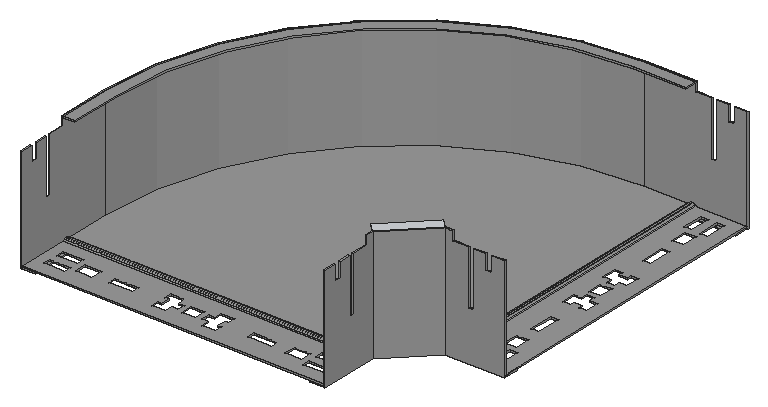
Revit family "Bogen 90 RBM 90 130 FS", category Generic Models, Revit 2017
Family settings
  Can host rebar = No
  Round Connector Dimension = Use Diameter
  Part Type = Normal
  Work Plane-Based = No
  Always vertical = Yes
  Cut with Voids When Loaded = No
  Shared = No
  Room Calculation Point = No
Parameters (values of type "RBM 90 130 FS")
  Width = 300 mm
  URL = "http://www.obo-bettermann.com"
  Material = Strip galvanised
  Manufacturer Art.No. = "6041844"
  Manufacturer = "OBO BETTERMANN"
  GTIN = "4012195880561"
  Article Type = "RBM 90 130 FS"
Reference planes
  plane 1 "Center (Front/Back)": y = 0
  plane 2: z = 0
  plane 3 "Center (Left/Right)": x = 0
  plane 4: x = 400.1
  plane 5: x = 345.6
  plane 6: x = 340.8
  plane 7: z = 3.3
  plane 8: y = 300
  plane 9: y = -100
  plane 10: y = -45.5
  plane 11: y = -40.7
  plane 12: z = 3.3
  plane 13: x = 300
  plane 14: x = 297
  plane 15: y = 3.1
  plane 16: y = -74.5
  plane 17: x = 150
  plane 18: x = 118
  plane 19: x = 81
  plane 20: x = 46
  plane 21: y = -66.5
  plane 22: y = -82.5
  plane 23: x = 21.5
  plane 24: x = 150
  plane 25: y = -74.5
  plane 26: x = 150
  plane 27: x = 182
  plane 28: x = 219
  plane 29: x = 254
  plane 30: y = -66.5
  plane 31: y = -82.5
  plane 32: x = 278.5
  plane 33: through (400.1, -100, 1200) normal (-0.7071, -0.7071, 0)
  plane 34: y = 150
  plane 35: x = 374.6
  plane 36: z = -1.25
  plane 37: z = 111.75
  plane 38: z = 110.5
  plane 39: z = 102.75
  plane 40: x = 348.6
  plane 41: z = 48.75
  plane 42: x = 370.06
  plane 43: x = 384.6
  plane 44: z = 87.95
  plane 45: y = -48.5
  plane 46: z = 48.75
  plane 47: y = -69.96
  plane 48: y = -84.5
  plane 49: z = 87.95
  plane 50: z = -2.5
  plane 51: z = 111.75
Forms (mm)
  Extrusion 1, solid, material "Strip galvanised" <- "Material"
    sketch origin (0, 0, 0) x (1, 0, 0) y (0, 0, 1)
      loop
        line (400.1, 0) -> (400.1, 1.3) -> (349.211, 1.3)
        arc (349.211, 1.3) -> (348.49, 1.485) -> (347.946, 1.994) r 1.5
        arc (347.946, 1.994) -> (345.584, 3.29) -> (343.222, 1.994) r 2.8
        arc (343.222, 1.994) -> (342.679, 1.485) -> (341.957, 1.3) r 1.5
        line (341.957, 1.3) -> (340.8, 1.3) -> (340.8, 0) -> (341.957, 0)
        arc (341.957, 0) -> (343.304, 0.345) -> (344.319, 1.296) r 2.8
        arc (344.319, 1.296) -> (345.584, 1.99) -> (346.849, 1.296) r 1.5
        arc (346.849, 1.296) -> (347.864, 0.345) -> (349.211, 0) r 2.8
        line (349.211, 0) -> (400.1, 0)
    from 0 to -300
  Extrusion 2, solid, material "Strip galvanised" <- "Material"
    sketch origin (0, 0, 0) x (0, 1, 0) y (0, 0, 1)
      loop
        line (-100, 0) -> (-49.036, 0)
        arc (-49.036, 0) -> (-47.692, 0.344) -> (-46.677, 1.291) r 2.8
        arc (-46.677, 1.291) -> (-45.447, 1.965) -> (-44.216, 1.291) r 1.461
        arc (-44.216, 1.291) -> (-43.202, 0.344) -> (-41.858, 0) r 2.8
        line (-41.858, 0) -> (-40.7, 0) -> (-40.7, 1.3) -> (-41.858, 1.3)
        arc (-41.858, 1.3) -> (-42.578, 1.484) -> (-43.121, 1.992) r 1.5
        arc (-43.121, 1.992) -> (-45.447, 3.265) -> (-47.773, 1.992) r 2.761
        arc (-47.773, 1.992) -> (-48.316, 1.484) -> (-49.036, 1.3) r 1.5
        line (-49.036, 1.3) -> (-100, 1.3) -> (-100, 0)
    from 0 to 300
  Extrusion 3, solid, material "Strip galvanised" <- "Material"
    sketch origin (0, 0, 0) x (1, 0, 0) y (0, 1, 0)
      loop
        line (340.8, 300) -> (297, 300)
        arc (297, 300) -> (86.989, 213.011) -> (0, 3) r 297
        line (0, 3) -> (0, -40.7) -> (300.1, -40.7) -> (340.8, 0) -> (340.8, 300)
    from 0 to 1.3
  Extrusion 4, void
    sketch origin (0, 0, 0) x (1, 0, 0) y (0, 1, 0)
      loop
        line (143, -68.5) -> (143, -80.5) -> (157, -80.5) -> (157, -68.5) -> (143, -68.5)
      loop
        line (118, -70.326) -> (121.99, -70.326) -> (121.99, -78.726) -> (118, -78.726) -> (118, -86.363) -> (132.02, -86.363) -> (132.02, -78.504) -> (138, -78.504) -> (138, -74.5) -> (138, -70.53) -> (132.02, -70.53) -> (132.02, -62.637) -> (118, -62.637) -> (118, -70.326)
      loop
        line (69, -70.5) -> (69, -78.5) -> (93, -78.5) -> (93, -70.5) -> (69, -70.5)
      loop
        line (38, -68.5) -> (38, -80.5) -> (54, -80.5) -> (54, -68.5) -> (38, -68.5)
      loop
        line (11, -62.7) -> (11, -70.3) -> (32, -70.3) -> (32, -62.7) -> (11, -62.7)
      loop
        line (11, -86.3) -> (32, -86.3) -> (32, -78.7) -> (11, -78.7) -> (11, -86.3)
    from 0 to 1.3
  Extrusion 5, void
    sketch origin (300, 0, 0) x (-1, 0, 0) y (0, -1, 0)
      loop
        line (143, 68.5) -> (157, 68.5) -> (157, 80.5) -> (143, 80.5) -> (143, 68.5)
      loop
        line (118, 70.326) -> (118, 62.637) -> (132.02, 62.637) -> (132.02, 70.53) -> (138, 70.53) -> (138, 74.5) -> (138, 78.504) -> (132.02, 78.504) -> (132.02, 86.363) -> (118, 86.363) -> (118, 78.726) -> (121.99, 78.726) -> (121.99, 70.326) -> (118, 70.326)
      loop
        line (69, 70.5) -> (93, 70.5) -> (93, 78.5) -> (69, 78.5) -> (69, 70.5)
      loop
        line (38, 68.5) -> (54, 68.5) -> (54, 80.5) -> (38, 80.5) -> (38, 68.5)
      loop
        line (11, 62.7) -> (32, 62.7) -> (32, 70.3) -> (11, 70.3) -> (11, 62.7)
      loop
        line (11, 86.3) -> (11, 78.7) -> (32, 78.7) -> (32, 86.3) -> (11, 86.3)
    from 0 to 1.3
  Extrusion 6, void
    sketch origin (0, 0, 0) x (1, 0, 0) y (0, 1, 0)
      loop
        line (362.8, 289.1) -> (362.8, 268.1) -> (370.4, 268.1) -> (370.4, 289.1) -> (362.8, 289.1)
      loop
        line (378.8, 289.1) -> (378.8, 268.1) -> (386.4, 268.1) -> (386.4, 289.1) -> (378.8, 289.1)
      loop
        line (368.6, 262.1) -> (368.6, 246.1) -> (380.6, 246.1) -> (380.6, 262.1) -> (368.6, 262.1)
      loop
        line (370.6, 231.1) -> (370.6, 207.1) -> (378.6, 207.1) -> (378.6, 231.1) -> (370.6, 231.1)
      loop
        line (362.737, 182.1) -> (362.737, 168.08) -> (370.63, 168.08) -> (370.63, 162.1) -> (378.604, 162.1) -> (378.604, 168.08) -> (386.463, 168.08) -> (386.463, 182.1) -> (378.826, 182.1) -> (378.826, 178.11) -> (370.426, 178.11) -> (370.426, 182.1) -> (362.737, 182.1)
    from 0 to 1.3
  Extrusion 7, void
    sketch origin (0, 300, 0) x (1, 0, 0) y (0, 1, 0)
      loop
        line (362.8, -289.1) -> (370.4, -289.1) -> (370.4, -268.1) -> (362.8, -268.1) -> (362.8, -289.1)
      loop
        line (378.8, -289.1) -> (386.4, -289.1) -> (386.4, -268.1) -> (378.8, -268.1) -> (378.8, -289.1)
      loop
        line (368.6, -262.1) -> (380.6, -262.1) -> (380.6, -246.1) -> (368.6, -246.1) -> (368.6, -262.1)
      loop
        line (370.6, -231.1) -> (378.6, -231.1) -> (378.6, -207.1) -> (370.6, -207.1) -> (370.6, -231.1)
      loop
        line (362.737, -182.1) -> (370.426, -182.1) -> (370.426, -178.11) -> (378.826, -178.11) -> (378.826, -182.1) -> (386.463, -182.1) -> (386.463, -168.08) -> (378.604, -168.08) -> (378.604, -162.1) -> (370.63, -162.1) -> (370.63, -168.08) -> (362.737, -168.08) -> (362.737, -182.1)
    from 0 to 1.3
  Extrusion 8, void
    sketch origin (0, 0, 0) x (1, 0, 0) y (0, 1, 0)
      loop
        line (368.6, 157) -> (368.6, 143) -> (380.6, 143) -> (380.6, 157) -> (368.6, 157)
    from 0 to 1.3
  Extrusion 9, solid, material "Strip galvanised"
    sketch origin (0, 0, 0) x (1, 0, 0) y (0, 1, 0)
      loop
        line (400.1, 300) -> (297, 300)
        arc (297, 300) -> (86.989, 213.011) -> (0, 3) r 297
        line (0, 3) -> (0, -100) -> (13.8, -100) -> (13.8, 3)
        arc (13.8, 3) -> (96.747, 203.253) -> (297, 286.2) r 283.2
        line (297, 286.2) -> (400.1, 286.2) -> (400.1, 300)
    from 0 to -1.25
  Extrusion 10, solid, material "Strip galvanised"
    sketch origin (0, 0, 0) x (1, 0, 0) y (0, 1, 0)
      loop
        line (400.1, 300) -> (400.1, 301.3) -> (297, 301.3)
        arc (297, 301.3) -> (86.07, 213.93) -> (-1.3, 3) r 298.3
        line (-1.3, 3) -> (-1.3, -100) -> (0, -100) -> (0, 3)
        arc (0, 3) -> (86.989, 213.011) -> (297, 300) r 297
        line (297, 300) -> (400.1, 300)
    from -1.25 to 111.75
  Extrusion 11, solid, material "Strip galvanised" <- "Material"
    sketch origin (0, 0, 0) x (1, 0, 0) y (0, 1, 0)
      loop
        line (400.1, 300) -> (297, 300)
        arc (297, 300) -> (86.989, 213.011) -> (0, 3) r 297
        line (0, 3) -> (0, -100) -> (12, -100) -> (12, 3)
        arc (12, 3) -> (95.475, 204.525) -> (297, 288) r 285
        line (297, 288) -> (400.1, 288) -> (400.1, 300)
    from 110.5 to 111.75
  Extrusion 12, void
    sketch origin (0, 0, 0) x (1, 0, 0) y (0, 0, 1)
      loop
        line (348.55, 111.75) -> (348.55, 102.75) -> (400.1, 102.75) -> (400.1, 111.75) -> (348.55, 111.75)
    from -301.3 to -288
  Extrusion 13, void
    sketch origin (0, 0, 0) x (1, 0, 0) y (0, 0, 1)
      loop
        line (370.06, 102.75) -> (365.06, 102.75) -> (365.06, 48.75) -> (370.06, 48.75) -> (370.06, 102.75)
      loop
        line (381.4, 102.75) -> (381.4, 87.95) -> (387.8, 87.95) -> (387.8, 102.75) -> (381.4, 102.75)
    from -301.3 to -300
  Extrusion 14, void
    sketch origin (300.1, 300.1, 0) x (0, -1, 0) y (0, 0, -1)
      loop
        line (348.55, -111.75) -> (400.1, -111.75) -> (400.1, -102.75) -> (348.55, -102.75) -> (348.55, -111.75)
    from -301.3 to -286.581
  Extrusion 15, void
    sketch origin (0, 0, 0) x (0, 1, 0) y (0, 0, 1)
      loop
        line (-48.5, 111.75) -> (-100, 111.75) -> (-100, 110.5) -> (-48.5, 110.5) -> (-48.5, 111.75)
    from -1.3 to 13.8
  Extrusion 16, void
    sketch origin (300.1, 300.1, 0) x (0, -1, 0) y (0, 0, -1)
      loop
        line (370.06, -102.75) -> (370.06, -48.75) -> (365.06, -48.75) -> (365.06, -102.75) -> (370.06, -102.75)
      loop
        line (381.4, -102.75) -> (387.8, -102.75) -> (387.8, -87.95) -> (381.4, -87.95) -> (381.4, -102.75)
    from -301.3 to -300
  Extrusion 17, solid, material "Strip galvanised"
    sketch origin (0, 0, 0) x (1, 0, 0) y (0, 1, 0)
      loop
        line (400.1, 0) -> (400.1, 13.8) -> (342.9, 13.8) -> (342.9, 0) -> (400.1, 0)
      loop
        line (340.249, -0.551) -> (330.491, 9.207) -> (290.893, -30.391) -> (300.651, -40.149) -> (340.249, -0.551)
      loop
        line (300, -42.8) -> (286.2, -42.8) -> (286.2, -100) -> (300, -100) -> (300, -42.8)
    from -1.25 to 0
  Extrusion 18, solid, material "Strip galvanised" <- "Material"
    sketch origin (0, 0, 0) x (1, 0, 0) y (0, 1, 0)
      loop
        line (400.1, 0) -> (340.8, 0) -> (300, -40.8) -> (300, -100) -> (301.3, -100) -> (301.3, -41.338) -> (341.338, -1.3) -> (400.1, -1.3) -> (400.1, 0)
    from -1.25 to 111.75
  Extrusion 19, void
    sketch origin (0, 0, 0) x (1, 0, 0) y (0, 0, 1)
      loop
        line (348.55, 111.75) -> (348.55, 102.75) -> (365.06, 102.75) -> (365.06, 48.75) -> (370.06, 48.75) -> (370.06, 102.75) -> (381.4, 102.75) -> (381.4, 87.95) -> (387.8, 87.95) -> (387.8, 102.75) -> (400.1, 102.75) -> (400.1, 111.75) -> (348.55, 111.75)
    from 0 to 1.3
  Extrusion 20, void
    sketch origin (300.1, 300.1, 0) x (0, -1, 0) y (0, 0, -1)
      loop
        line (348.55, -111.75) -> (400.1, -111.75) -> (400.1, -102.75) -> (387.8, -102.75) -> (387.8, -87.95) -> (381.4, -87.95) -> (381.4, -102.75) -> (370.06, -102.75) -> (370.06, -48.75) -> (365.06, -48.75) -> (365.06, -102.75) -> (348.55, -102.75) -> (348.55, -111.75)
    from 0 to 1.3
  Extrusion 21, solid
    sketch origin (0, 0, 0) x (1, 0, 0) y (0, 1, 0)
      loop
        line (340.249, -0.551) -> (332.567, 7.131) -> (292.969, -32.467) -> (300.651, -40.149) -> (340.249, -0.551)
    from 110.5 to 111.75
Cuts and joins
  Extrusion 4, Extrusion 5 cuts Extrusion 2
  Extrusion 6, Extrusion 7, Extrusion 8 cuts Extrusion 1
  Extrusion 12, Extrusion 13, Extrusion 14, Extrusion 15, Extrusion 16 cuts Extrusion 10
  Extrusion 12, Extrusion 15 cuts Extrusion 11
  Extrusion 19, Extrusion 20 cuts Extrusion 18
Dimensions and locks
  locked: plane 4 to plane 6 at 59.3
  locked: plane 4 to plane 5 at 54.5
  locked: Extrusion 1 sketch curve to Extrusion 1 sketch curve at 1.3
  locked: Extrusion 1 sketch curve to Extrusion 1 sketch curve at 59.3
  locked: plane 7 to Extrusion 1 sketch curve at 2
  locked: Extrusion 1 sketch curve to level at 3.29
  plane 1 "Center (Front/Back)" to plane 8 = 300 mm
  locked: plane 3 "Center (Left/Right)" to plane 4 at 400.1  (x2)
  locked: plane 9 to plane 1 "Center (Front/Back)" at 100
  locked: plane 8 to plane 9 at 400
  locked: plane 9 to plane 10 at 54.5
  locked: plane 9 to plane 11 at 59.3
  locked: Extrusion 2 sketch curve to plane 12 at 2
  locked: Extrusion 2 sketch curve to Extrusion 2 sketch curve at 1.3
  locked: Extrusion 2 sketch curve to level at 3.265
  locked: plane 3 "Center (Left/Right)" to plane 13 at 300
  locked: plane 14 to Extrusion 1 at 103.1
  locked: Extrusion 2 to plane 15 at 103.1
  locked: Extrusion 2 to plane 16 at 25.5
  locked: Extrusion 2 to plane 17 at 150
  locked: Extrusion 4 sketch curve to Extrusion 4 sketch curve at 14
  locked: Extrusion 4 sketch curve to plane 17 at 7
  locked: Extrusion 4 sketch curve to Extrusion 4 sketch curve at 12  (x2)
  locked: plane 16 to Extrusion 4 sketch curve at 6  (x2)
  locked: plane 18 to plane 17 at 32
  locked: Extrusion 4 sketch curve to Extrusion 4 sketch curve at 14.02  (x2)
  locked: Extrusion 4 sketch curve to Extrusion 4 sketch curve at 7.974
  locked: Extrusion 4 sketch curve to Extrusion 4 sketch curve at 8.4
  locked: Extrusion 4 sketch curve to Extrusion 4 sketch curve at 3.99  (x2)
  locked: Extrusion 4 sketch curve to Extrusion 4 sketch curve at 5.98
  Extrusion 4 sketch curve to Extrusion 4 sketch curve = 5.98 mm
  locked: plane 19 to plane 17 at 69
  locked: Extrusion 4 sketch curve to Extrusion 4 sketch curve at 24
  locked: Extrusion 4 sketch curve to plane 19 at 12
  locked: Extrusion 4 sketch curve to Extrusion 4 sketch curve at 8
  locked: plane 16 to Extrusion 4 sketch curve at 4
  locked: plane 20 to plane 17 at 104
  locked: Extrusion 4 sketch curve to Extrusion 4 sketch curve at 16
  locked: plane 20 to Extrusion 4 sketch curve at 8
  locked: plane 16 to plane 22 at 8
  locked: plane 21 to plane 16 at 8
  locked: plane 23 to plane 17 at 128.5
  locked: Extrusion 4 sketch curve to Extrusion 4 sketch curve at 7.6  (x2)
  locked: plane 21 to Extrusion 4 sketch curve at 3.8
  locked: Extrusion 4 sketch curve to Extrusion 4 sketch curve at 21  (x2)
  locked: Extrusion 4 sketch curve to plane 23 at 10.5
  locked: cut or joined group of Extrusion 2, Extrusion 4, Extrusion 5 to plane 24 at 150
  locked: Extrusion 5 sketch curve to Extrusion 5 sketch curve at 14
  locked: Extrusion 5 sketch curve to plane 26 at 7
  locked: Extrusion 5 sketch curve to Extrusion 5 sketch curve at 12  (x2)
  locked: plane 25 to Extrusion 5 sketch curve at 6  (x2)
  locked: plane 27 to plane 26 at 32
  locked: Extrusion 5 sketch curve to Extrusion 5 sketch curve at 14.02  (x2)
  locked: Extrusion 5 sketch curve to Extrusion 5 sketch curve at 7.974
  locked: Extrusion 5 sketch curve to Extrusion 5 sketch curve at 8.4
  locked: Extrusion 5 sketch curve to Extrusion 5 sketch curve at 3.99  (x2)
  locked: Extrusion 5 sketch curve to Extrusion 5 sketch curve at 5.98
  Extrusion 5 sketch curve to Extrusion 5 sketch curve = 5.98 mm
  locked: plane 28 to plane 26 at 69
  locked: Extrusion 5 sketch curve to Extrusion 5 sketch curve at 24
  locked: Extrusion 5 sketch curve to plane 28 at 12
  locked: Extrusion 5 sketch curve to Extrusion 5 sketch curve at 8
  locked: plane 25 to Extrusion 5 sketch curve at 4
  locked: plane 29 to plane 26 at 104
  locked: Extrusion 5 sketch curve to Extrusion 5 sketch curve at 16
  locked: plane 29 to Extrusion 5 sketch curve at 8
  locked: plane 25 to plane 31 at 8
  locked: plane 30 to plane 25 at 8
  locked: plane 32 to plane 26 at 128.5
  locked: Extrusion 5 sketch curve to Extrusion 5 sketch curve at 7.6  (x2)
  locked: plane 30 to Extrusion 5 sketch curve at 3.8
  locked: Extrusion 5 sketch curve to Extrusion 5 sketch curve at 21  (x2)
  locked: Extrusion 5 sketch curve to plane 32 at 10.5
  locked: cut or joined group of Extrusion 1, Extrusion 6, Extrusion 7, Extrusion 8 to plane 34 at 150
  locked: Extrusion 8 sketch curve to Extrusion 8 sketch curve at 12
  locked: Extrusion 8 sketch curve to Extrusion 8 sketch curve at 14
  locked: plane 34 to Extrusion 8 sketch curve at 7
  locked: plane 35 to cut or joined group of Extrusion 1, Extrusion 6, Extrusion 7, Extrusion 8 at 25.5
  locked: Extrusion 8 sketch curve to plane 35 at 6
  locked: plane 3 "Center (Left/Right)" to cut or joined group of Extrusion 1, Extrusion 6, Extrusion 7, Extrusion 8 at 400.1
  locked: cut or joined group of Extrusion 2, Extrusion 4, Extrusion 5 to cut or joined group of Extrusion 1, Extrusion 6, Extrusion 7, Extrusion 8 at 400
  locked: cut or joined group of Extrusion 1, Extrusion 6, Extrusion 7, Extrusion 8 to Extrusion 9 sketch curve at 13.8
  locked: cut or joined group of Extrusion 2, Extrusion 4, Extrusion 5 to Extrusion 9 sketch curve at 13.8
  locked: cut or joined group of Extrusion 2, Extrusion 4, Extrusion 5 to Extrusion 9 at 1.25
  locked: plane 37 to Extrusion 9 at 113
  locked: Extrusion 11 sketch curve to Extrusion 10 at 12
  locked: Extrusion 10 to Extrusion 11 sketch curve at 12
  locked: Extrusion 11 to plane 38 at 1.25
  locked: plane 37 to plane 39 at 9
  locked: Extrusion 10 to plane 40 at 51.5
  locked: plane 41 to Extrusion 9 at 50
  locked: Extrusion 17 sketch curve to cut or joined group of Extrusion 1, Extrusion 6, Extrusion 7, Extrusion 8 at 57.2
  locked: Extrusion 17 sketch curve to cut or joined group of Extrusion 2, Extrusion 4, Extrusion 5 at 57.2
  locked: Extrusion 18 sketch curve to Extrusion 18 sketch curve at 59.3
  locked: Extrusion 18 sketch curve to Extrusion 18 sketch curve at 58.662
  locked: Extrusion 3 to Extrusion 18 sketch curve at 1.3
  locked: cut or joined group of Extrusion 2, Extrusion 4, Extrusion 5 to Extrusion 18 sketch curve at 1.3
  locked: cut or joined group of Extrusion 1, Extrusion 6, Extrusion 7, Extrusion 8 to Extrusion 18 sketch curve at 1.3
  locked: plane 51 to Extrusion 18 at 113
  radius of Extrusion 3 = 297 mm
  aligned and locked: level to plane 2
  aligned and locked: Extrusion 1 to level  (x2)
  aligned and locked: plane 4 to Extrusion 1
  aligned and locked: Extrusion 1 to plane 6
  aligned and locked: plane 8 to Extrusion 1
  aligned and locked: plane 1 "Center (Front/Back)" to Extrusion 1
  aligned and locked: Extrusion 2 sketch curve to plane 11
  aligned and locked: Extrusion 2 sketch curve to plane 9
  aligned and locked: Extrusion 2 to level  (x2)
  aligned and locked: Extrusion 2 to plane 9
  aligned and locked: plane 13 to Extrusion 2
  aligned and locked: Extrusion 2 to plane 3 "Center (Left/Right)"
  aligned and locked: plane 8 to Extrusion 3 sketch curve
  aligned and locked: plane 3 "Center (Left/Right)" to Extrusion 3 sketch curve
  aligned and locked: Extrusion 3 to Extrusion 2
  aligned and locked: plane 6 to Extrusion 3
  aligned and locked: Extrusion 1 to Extrusion 3  (x2)
  aligned and locked: Extrusion 3 to plane 3 "Center (Left/Right)"
  aligned and locked: Extrusion 3 to Extrusion 1
  aligned and locked: plane 18 to Extrusion 4 sketch curve
  aligned and locked: Extrusion 4 to level
  aligned and locked: Extrusion 1 to Extrusion 4
  aligned and locked: Extrusion 4 to plane 2
  aligned and locked: Extrusion 5 sketch curve to plane 27
  aligned and locked: Extrusion 6 to level
  aligned and locked: Extrusion 1 to Extrusion 6
  aligned and locked: Extrusion 8 to level
  aligned and locked: Extrusion 1 to Extrusion 8
  aligned and locked: level to Extrusion 9
  aligned and locked: Extrusion 9 to plane 36
  aligned and locked: Extrusion 10 sketch curve to cut or joined group of Extrusion 2, Extrusion 4, Extrusion 5
  aligned and locked: Extrusion 10 sketch curve to plane 4
  aligned and locked: plane 4 to Extrusion 10
  aligned and locked: Extrusion 10 to plane 9
  aligned and locked: Extrusion 10 to Extrusion 9
  aligned and locked: Extrusion 10 to plane 37
  aligned and locked: Extrusion 11 sketch curve to cut or joined group of Extrusion 2, Extrusion 4, Extrusion 5
  aligned and locked: Extrusion 11 sketch curve to plane 4
  aligned and locked: plane 4 to Extrusion 11
  aligned and locked: Extrusion 11 to plane 9
  aligned and locked: Extrusion 11 to plane 38
  aligned and locked: Extrusion 10 to Extrusion 12
  aligned and locked: cut or joined group of Extrusion 10, Extrusion 12, Extrusion 13, Extrusion 14, Extrusion 15, Extrusion 16 to Extrusion 13 sketch curve
  aligned and locked: Extrusion 13 to plane 8
  aligned and locked: Extrusion 10 to Extrusion 13
  aligned and locked: Extrusion 10 to Extrusion 15
  aligned and locked: Extrusion 15 to Extrusion 9
  aligned and locked: Extrusion 17 sketch curve to cut or joined group of Extrusion 1, Extrusion 6, Extrusion 7, Extrusion 8
  aligned and locked: Extrusion 17 sketch curve to plane 4
  aligned and locked: plane 9 to Extrusion 17 sketch curve
  aligned and locked: Extrusion 17 sketch curve to plane 13
  aligned and locked: Extrusion 9 to Extrusion 17
  aligned and locked: Extrusion 18 sketch curve to plane 13
  aligned and locked: cut or joined group of Extrusion 1, Extrusion 6, Extrusion 7, Extrusion 8 to Extrusion 18 sketch curve
  aligned and locked: Extrusion 9 to Extrusion 18
  aligned and locked: Extrusion 18 to cut or joined group of Extrusion 10, Extrusion 12, Extrusion 13, Extrusion 14, Extrusion 15, Extrusion 16
  aligned and locked: Extrusion 19 to plane 1 "Center (Front/Back)"
  aligned and locked: Extrusion 18 to Extrusion 19
  aligned and locked: Extrusion 21 sketch curve to Extrusion 17
  aligned and locked: Extrusion 21 to Extrusion 17
  aligned and locked: Extrusion 17 to Extrusion 21
  aligned and locked: Extrusion 3 to Extrusion 21
  aligned and locked: cut or joined group of Extrusion 10, Extrusion 12, Extrusion 13, Extrusion 14, Extrusion 15, Extrusion 16 to Extrusion 21
  aligned and locked: cut or joined group of Extrusion 11, Extrusion 12, Extrusion 15 to Extrusion 21
Automatic sketch dimensions
  Extrusion 1 sketch curve to Extrusion 1 sketch curve = 0 mm  (x7)
  Extrusion 1 sketch curve to level = 0 mm
  Extrusion 1 sketch curve to plane 6 = 0 mm
  plane 6 to Extrusion 1 sketch curve = 1.157 mm
  Extrusion 1 sketch curve to plane 5 = 0.016 mm
  plane 5 to Extrusion 1 sketch curve = 3.611 mm
  level to Extrusion 1 sketch curve = 0.49 mm
  level to Extrusion 1 sketch curve = 1.3 mm
  Extrusion 1 sketch curve to plane 7 = 0.5 mm  (x2)
  plane 5 to Extrusion 1 sketch curve = 1.249 mm
  Extrusion 2 sketch curve to Extrusion 2 sketch curve = 0 mm  (x7)
  Extrusion 2 sketch curve to level = 0 mm
  Extrusion 2 sketch curve to plane 12 = 0.5 mm  (x2)
  Extrusion 2 sketch curve to plane 10 = 3.536 mm
  plane 10 to Extrusion 2 sketch curve = 0.053 mm
  Extrusion 2 sketch curve to plane 11 = 1.158 mm
  level to Extrusion 2 sketch curve = 0.504 mm
  Extrusion 2 sketch curve to Extrusion 2 sketch curve = 1.3 mm
  Extrusion 3 sketch curve to plane 14 = 0 mm
  plane 1 "Center (Front/Back)" to Extrusion 3 sketch curve = 0 mm
  Extrusion 3 sketch curve to plane 6 = 0 mm
  plane 13 to Extrusion 3 sketch curve = 0.1 mm
  plane 1 "Center (Front/Back)" to Extrusion 3 sketch curve = 40.7 mm
  Extrusion 4 sketch curve to plane 16 = 0 mm
  plane 22 to Extrusion 4 sketch curve = 3.8 mm
  Extrusion 4 sketch curve to Extrusion 4 sketch curve = 0 mm
  Extrusion 4 sketch curve to plane 22 = 3.863 mm
  plane 22 to Extrusion 4 sketch curve = 3.774 mm
  plane 22 to Extrusion 4 sketch curve = 3.996 mm
  plane 21 to Extrusion 4 sketch curve = 3.863 mm
  Extrusion 5 sketch curve to plane 25 = 0 mm
  Extrusion 5 sketch curve to plane 31 = 3.8 mm
  Extrusion 5 sketch curve to Extrusion 5 sketch curve = 0 mm
  plane 31 to Extrusion 5 sketch curve = 3.863 mm
  Extrusion 5 sketch curve to plane 31 = 3.774 mm
  Extrusion 5 sketch curve to plane 31 = 3.996 mm
  Extrusion 5 sketch curve to plane 30 = 3.863 mm
  plane 5 to Extrusion 6 sketch curve = 17.137 mm
  plane 5 to Extrusion 6 sketch curve = 17.2 mm
  Extrusion 6 sketch curve to Extrusion 6 sketch curve = 5.8 mm
  Extrusion 6 sketch curve to Extrusion 6 sketch curve = 7.6 mm  (x2)
  Extrusion 6 sketch curve to Extrusion 6 sketch curve = 7.689 mm
  plane 5 to Extrusion 6 sketch curve = 25 mm
  Extrusion 6 sketch curve to Extrusion 6 sketch curve = 7.893 mm
  Extrusion 6 sketch curve to Extrusion 6 sketch curve = 8 mm
  Extrusion 6 sketch curve to Extrusion 6 sketch curve = 7.974 mm
  Extrusion 6 sketch curve to Extrusion 6 sketch curve = 8.4 mm  (x2)
  Extrusion 6 sketch curve to Extrusion 6 sketch curve = 1.8 mm
  Extrusion 6 sketch curve to Extrusion 6 sketch curve = 7.637 mm
  plane 34 to Extrusion 6 sketch curve = 12.1 mm
  Extrusion 6 sketch curve to Extrusion 6 sketch curve = 5.98 mm  (x2)
  Extrusion 6 sketch curve to Extrusion 6 sketch curve = 10.03 mm
  Extrusion 6 sketch curve to Extrusion 6 sketch curve = 3.99 mm  (x2)
  Extrusion 6 sketch curve to Extrusion 6 sketch curve = 25 mm
  Extrusion 6 sketch curve to Extrusion 6 sketch curve = 24 mm
  Extrusion 6 sketch curve to Extrusion 6 sketch curve = 15 mm
  Extrusion 6 sketch curve to Extrusion 6 sketch curve = 16 mm
  Extrusion 6 sketch curve to Extrusion 6 sketch curve = 6 mm  (x2)
  Extrusion 6 sketch curve to plane 8 = 10.9 mm  (x2)
  Extrusion 7 sketch curve to plane 5 = 17.137 mm
  Extrusion 7 sketch curve to plane 5 = 17.2 mm
  Extrusion 7 sketch curve to Extrusion 7 sketch curve = 5.8 mm
  Extrusion 7 sketch curve to Extrusion 7 sketch curve = 7.6 mm  (x2)
  Extrusion 7 sketch curve to Extrusion 7 sketch curve = 7.689 mm
  Extrusion 7 sketch curve to plane 5 = 25 mm
  Extrusion 7 sketch curve to Extrusion 7 sketch curve = 7.893 mm
  Extrusion 7 sketch curve to Extrusion 7 sketch curve = 8 mm
  Extrusion 7 sketch curve to Extrusion 7 sketch curve = 7.974 mm
  Extrusion 7 sketch curve to Extrusion 7 sketch curve = 8.4 mm  (x2)
  Extrusion 7 sketch curve to Extrusion 7 sketch curve = 1.8 mm
  Extrusion 7 sketch curve to Extrusion 7 sketch curve = 7.637 mm
  plane 34 to Extrusion 7 sketch curve = 12.1 mm
  Extrusion 7 sketch curve to Extrusion 7 sketch curve = 5.98 mm  (x2)
  Extrusion 7 sketch curve to Extrusion 7 sketch curve = 10.03 mm
  Extrusion 7 sketch curve to Extrusion 7 sketch curve = 3.99 mm  (x2)
  Extrusion 7 sketch curve to Extrusion 7 sketch curve = 25 mm
  Extrusion 7 sketch curve to Extrusion 7 sketch curve = 24 mm
  Extrusion 7 sketch curve to Extrusion 7 sketch curve = 15 mm
  Extrusion 7 sketch curve to Extrusion 7 sketch curve = 16 mm
  Extrusion 7 sketch curve to Extrusion 7 sketch curve = 6 mm  (x2)
  plane 1 "Center (Front/Back)" to Extrusion 7 sketch curve = 10.9 mm  (x2)
  Extrusion 9 sketch curve to Extrusion 9 sketch curve = 0 mm  (x2)
  Extrusion 9 sketch curve to plane 3 "Center (Left/Right)" = 0 mm
  Extrusion 9 sketch curve to plane 4 = 0 mm
  Extrusion 9 sketch curve to plane 9 = 0 mm
  Extrusion 9 sketch curve to plane 1 "Center (Front/Back)" = 3 mm
  Extrusion 10 sketch curve to Extrusion 10 sketch curve = 0 mm  (x2)
  Extrusion 10 sketch curve to plane 3 "Center (Left/Right)" = 0 mm
  Extrusion 10 sketch curve to plane 8 = 0 mm
  Extrusion 10 sketch curve to Extrusion 10 sketch curve = 1.3 mm
  Extrusion 10 sketch curve to plane 13 = 3 mm
  Extrusion 11 sketch curve to Extrusion 11 sketch curve = 0 mm  (x2)
  Extrusion 11 sketch curve to plane 3 "Center (Left/Right)" = 0 mm
  Extrusion 11 sketch curve to plane 1 "Center (Front/Back)" = 3 mm
  Extrusion 12 sketch curve to plane 37 = 0 mm
  Extrusion 12 sketch curve to plane 39 = 0 mm
  Extrusion 12 sketch curve to plane 4 = 0 mm
  Extrusion 12 sketch curve to plane 40 = 0.05 mm
  Extrusion 13 sketch curve to plane 39 = 0 mm
  Extrusion 13 sketch curve to plane 41 = 0 mm
  plane 42 to Extrusion 13 sketch curve = 0 mm
  Extrusion 13 sketch curve to plane 44 = 0 mm
  Extrusion 13 sketch curve to Extrusion 13 sketch curve = 5 mm
  Extrusion 13 sketch curve to plane 43 = 3.2 mm
  plane 43 to Extrusion 13 sketch curve = 3.2 mm
  Extrusion 14 sketch curve to plane 37 = 0 mm
  Extrusion 14 sketch curve to plane 39 = 0 mm
  Extrusion 14 sketch curve to plane 9 = 0 mm
  Extrusion 14 sketch curve to plane 45 = 0.05 mm
  Extrusion 15 sketch curve to plane 9 = 0 mm
  Extrusion 15 sketch curve to plane 38 = 0 mm
  Extrusion 15 sketch curve to plane 37 = 0 mm
  plane 1 "Center (Front/Back)" to Extrusion 15 sketch curve = 48.5 mm
  Extrusion 16 sketch curve to plane 39 = 0 mm  (x2)
  Extrusion 16 sketch curve to plane 46 = 0 mm
  Extrusion 16 sketch curve to plane 47 = 0 mm
  Extrusion 16 sketch curve to plane 49 = 0 mm
  Extrusion 16 sketch curve to Extrusion 16 sketch curve = 5 mm
  Extrusion 16 sketch curve to plane 48 = 3.2 mm
  plane 48 to Extrusion 16 sketch curve = 3.2 mm
  Extrusion 17 sketch curve to plane 13 = 9.107 mm
  Extrusion 17 sketch curve to plane 13 = 13.8 mm
  plane 13 to Extrusion 17 sketch curve = 0.651 mm
  Extrusion 17 sketch curve to plane 6 = 10.309 mm
  Extrusion 17 sketch curve to Extrusion 17 sketch curve = 2.651 mm
  Extrusion 17 sketch curve to Extrusion 17 sketch curve = 12.409 mm
  Extrusion 17 sketch curve to plane 1 "Center (Front/Back)" = 13.8 mm
  plane 1 "Center (Front/Back)" to Extrusion 18 sketch curve = 0 mm
  Extrusion 18 sketch curve to Extrusion 18 sketch curve = 0.538 mm
  Extrusion 19 sketch curve to plane 37 = 0 mm
  Extrusion 19 sketch curve to plane 39 = 0 mm  (x3)
  Extrusion 19 sketch curve to plane 4 = 0 mm
  Extrusion 19 sketch curve to plane 4 = 12.3 mm
  Extrusion 19 sketch curve to Extrusion 19 sketch curve = 6.4 mm
  plane 5 to Extrusion 19 sketch curve = 24.46 mm
  Extrusion 19 sketch curve to Extrusion 19 sketch curve = 5 mm
  plane 5 to Extrusion 19 sketch curve = 2.95 mm
  Extrusion 19 sketch curve to plane 39 = 14.8 mm
  Extrusion 19 sketch curve to Extrusion 19 sketch curve = 39.2 mm
  Extrusion 20 sketch curve to plane 37 = 0 mm
  Extrusion 20 sketch curve to plane 39 = 0 mm  (x3)
  Extrusion 20 sketch curve to plane 9 = 0 mm
  plane 9 to Extrusion 20 sketch curve = 12.3 mm
  Extrusion 20 sketch curve to Extrusion 20 sketch curve = 6.4 mm
  plane 9 to Extrusion 20 sketch curve = 30.04 mm
  Extrusion 20 sketch curve to Extrusion 20 sketch curve = 5 mm
  Extrusion 20 sketch curve to Extrusion 20 sketch curve = 16.51 mm
  Extrusion 20 sketch curve to plane 39 = 14.8 mm
  Extrusion 20 sketch curve to Extrusion 20 sketch curve = 39.2 mm
  Extrusion 21 sketch curve to plane 13 = 7.031 mm
  plane 1 "Center (Front/Back)" to Extrusion 21 sketch curve = 0.551 mm
  plane 13 to Extrusion 21 sketch curve = 0.651 mm
